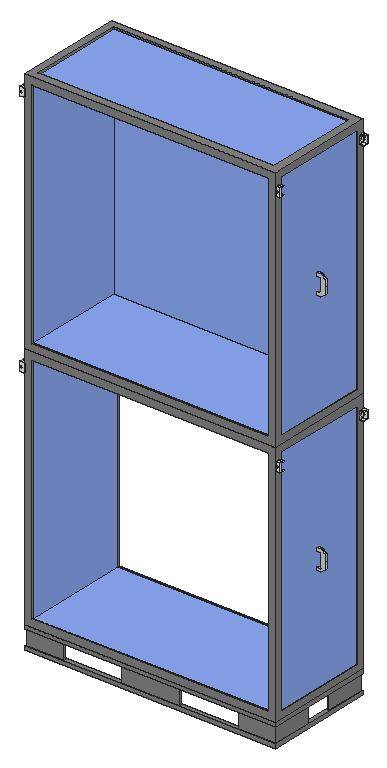
Revit family "16 Разделительная секция ANR S3", category Оборудование, Revit 2016
Family settings
  Тип детали = Нормальный
  Размер круглого соединителя = Использовать диаметр
  На основе рабочей плоскости = Нет
  Всегда вертикально = Да
  При загрузке вырезать с полостями = Нет
  Общий = Нет
  Точка расчета площади = Нет
Parameters (values of type "ANR 8 S3")
  центр = Середина / 2  # 648.25 mm
  Ширина = А1 - 56 mm  # 1244 mm
  Синий = Синий
  Середина = Б / 2  # 1296.5 mm
  Д1 = Д - 20 mm  # 555 mm
  Д = 575 mm
  ножки(да/нет) [instance] = no
  Высота = Б1 - 56 mm  # 1220.5 mm
  Б1 = Середина - 20 mm  # 1276.5 mm
  А1 = А - 20 mm  # 1300 mm
  А = 1320 mm
  высота ножек = 120 mm
  Б = 2593 mm
  Частотный преобразователь [instance] = no
  Частота вращения n, об/мин = ""
  Тип, марка, обозначение = "ANR 8 S3"
  Сила тока J, А = ""
  Регулятор расхода [instance] = no
  Раздел = "ОВ"
  Примечание = ""
  Позиция = ""
  Напряжение U,В = ""
  Наименование и тех.хар-ка = "Секция смешения двухэтажная"  # constant formula
  Мощность двигателя N,Вт = ""
  Материал = Сталь серая
  Масса единицы = ""
  Код, оборудования = ""
  Ключевая пометка = "Вентиляция"
  Задание электрикам [instance] = no
  Задание автоматчикам [instance] = no
  Завод изготовитель = "KORF"  # constant formula
  Единица измерения = "шт."  # constant formula
  h = высота ножек + 10 mm  # 130 mm
Types (6, lengths in mm): name | центр | Ширина | Середина | Д1 | Д | Высота | Б1 | А1 | А | Б | Тип, марка, обозначение
  ANR 6 S3 | 538.25 | 1024 | 1076.5 | 555 | 575 | 1000.5 | 1056.5 | 1080 | 1100 | 2153 | "ANR 6 S3"
  ANR 7 S3 | 648.25 | 1024 | 1296.5 | 555 | 575 | 1220.5 | 1276.5 | 1080 | 1100 | 2593 | "ANR 7 S3"
  ANR 8 S3 | 648.25 | 1244 | 1296.5 | 555 | 575 | 1220.5 | 1276.5 | 1300 | 1320 | 2593 | "ANR 8 S3"
  ANR 12 S3 | 705.75 | 1359 | 1411.5 | 1080 | 1100 | 1335.5 | 1391.5 | 1415 | 1435 | 2823 | "ANR 12 S3"
  ANR 20 S3 | 818.25 | 1584 | 1636.5 | 1080 | 1100 | 1560.5 | 1616.5 | 1640 | 1660 | 3273 | "ANR 20 S3"
  ANR 25 S3 | 1010.75 | 1969 | 2021.5 | 1080 | 1100 | 1945.5 | 2001.5 | 2025 | 2045 | 4043 | "ANR 25 S3"
Reference planes
  plane 1 "По центру (Вперед/Назад)": y = 0
  plane 2: z = 0
  plane 3 "По центру (Влево/Вправо)": x = 0
  plane 4: x = -650
  plane 5: x = 650
  plane 6: y = 277.5
  plane 7: y = -277.5
  plane 8: z = 1406.5
  plane 9: z = 130
  plane 10: y = -70.418
  plane 11: z = 1416.5
  plane 12: x = 700
  plane 13: y = 70.418
  plane 14: z = 120
  plane 15: z = 1306.5
  plane 16: z = 2713
  plane 17: z = 768.25
  plane 18: z = 715.22
  plane 19: z = 2703
  plane 20: z = 1426.5
  plane 21: z = 2603
  plane 22: z = 2064.75
  plane 23: z = 2011.75
Forms (mm)
  Extrusion 1, solid, material "Синий" <- "Синий", detail levels fine
    sketch origin (0, 0, 50) x (1, 0, 0) y (0, 1, 0)
      loop
        line (-650, 277.5) -> (-650, -277.5) -> (650, -277.5) -> (650, 277.5) -> (-650, 277.5)
    from 80 to 1356.5
  Sweep 2, solid, material "Сталь серая" <- "Материал", detail levels fine
    path origin (650, -277.5, 50) x (-1, 0, 0) y (0, 0, -1)
      loop
        line (0, -1356.5) -> (1300, -1356.5) -> (1300, -80) -> (0, -80) -> (0, -1356.5)
    profile "Профиль уголок 10х10 : Профиль уголок 10х10" origin (0, -277.5, 1406.5) x (0, 0, -1) y (0, -1, 0)
      loop
        line (0, -27.5) -> (0, 0) -> (27.5, 0) -> (27.5, 10) -> (-10, 10) -> (-10, -27.5) -> (0, -27.5)
  Sweep 3, solid, material "Сталь серая" <- "Материал", detail levels fine
    path origin (-650, 277.5, 50) x (1, 0, 0) y (0, 0, -1)
      loop
        line (0, -1356.5) -> (1300, -1356.5) -> (1300, -80) -> (0, -80) -> (0, -1356.5)
    profile "Профиль уголок 10х10 : Профиль уголок 10х10" origin (0, 277.5, 1406.5) x (0, 0, -1) y (0, 1, 0)
      loop
        line (0, -27.5) -> (0, 0) -> (27.5, 0) -> (27.5, 10) -> (-10, 10) -> (-10, -27.5) -> (0, -27.5)
  Sweep 4, solid, material "Сталь серая" <- "Материал", detail levels fine
    path origin (650, 277.5, 50) x (0, -1, 0) y (0, 0, -1)
      loop
        line (0, -1356.5) -> (555, -1356.5) -> (555, -80) -> (0, -80) -> (0, -1356.5)
    profile "Профиль уголок 10х10 : Профиль уголок 10х10" origin (650, 0, 1406.5) x (0, 0, -1) y (1, 0, 0)
      loop
        line (0, -27.5) -> (0, 0) -> (27.5, 0) -> (27.5, 10) -> (-10, 10) -> (-10, -27.5) -> (0, -27.5)
  Sweep 5, solid, material "Сталь серая" <- "Материал", detail levels fine
    path origin (-650, -277.5, 50) x (0, 1, 0) y (0, 0, -1)
      loop
        line (0, -1356.5) -> (555, -1356.5) -> (555, -80) -> (0, -80) -> (0, -1356.5)
    profile "Профиль уголок 10х10 : Профиль уголок 10х10" origin (-650, 0, 1406.5) x (0, 0, -1) y (-1, 0, 0)
      loop
        line (0, -27.5) -> (0, 0) -> (27.5, 0) -> (27.5, 10) -> (-10, 10) -> (-10, -27.5) -> (0, -27.5)
  Extrusion 6, void, not visible
    sketch origin (-345, -245, 50) x (0, -1, 0) y (0, 0, -1)
      loop
        line (-477.965, -475) -> (-477.965, -450) -> (-528.913, -450) -> (-528.913, -475) -> (-477.965, -475)
    from -47.452 to 12
  Sweep 7, solid, material "Сталь серая" <- "Материал", detail levels fine
    path origin (0, 0, 0) x (1, 0, 0) y (0, 1, 0)
      loop
        line (-650, 277.5) -> (-650, -277.5) -> (650, -277.5) -> (650, 277.5) -> (-650, 277.5)
    profile "Семейство1 : Семейство1" origin (0, 277.5, 0) x (0, 1, 0) y (0, 0, 1)
      loop
        line (-10, 120) -> (-10, 100) -> (-3.38, 100) -> (-3.38, 20) -> (-10, 20) -> (-10, 0) -> (10, 0) -> (10, 20) -> (3.38, 20) -> (3.38, 100) -> (10, 100) -> (10, 120) -> (-10, 120)
  Extrusion 8, void
    sketch origin (0, 0, 0) x (1, 0, 0) y (0, 0, 1)
      loop
        line (152.369, 100) -> (152.369, 20) -> (458.798, 20) -> (458.798, 100) -> (152.369, 100)
      loop
        line (-152.369, 100) -> (-458.798, 100) -> (-458.798, 20) -> (-152.369, 20) -> (-152.369, 100)
    from -287.5 to 287.5
  Extrusion 9, void
    sketch origin (0, 0, 0) x (0, 1, 0) y (0, 0, 1)
      loop
        line (-70.418, 100) -> (-70.418, 20) -> (70.418, 20) -> (70.418, 100) -> (-70.418, 100)
    from -660 to 1700
  Extrusion 10, solid, material "Синий" <- "Синий", detail levels fine
    sketch origin (0, 0, 1130) x (1, 0, 0) y (0, 1, 0)
      loop
        line (-650, 277.5) -> (-650, -277.5) -> (650, -277.5) -> (650, 277.5) -> (-650, 277.5)
    from 296.5 to 1573
  Sweep 11, solid, material "Сталь серая" <- "Материал", detail levels fine
    path origin (650, -277.5, 1130) x (-1, 0, 0) y (0, 0, -1)
      loop
        line (0, -1573) -> (1300, -1573) -> (1300, -296.5) -> (0, -296.5) -> (0, -1573)
    profile "Профиль уголок 10х10 : Профиль уголок 10х10" origin (0, -277.5, 2703) x (0, 0, -1) y (0, -1, 0)
      loop
        line (0, -27.5) -> (0, 0) -> (27.5, 0) -> (27.5, 10) -> (-10, 10) -> (-10, -27.5) -> (0, -27.5)
  Sweep 12, solid, material "Сталь серая" <- "Материал", detail levels fine
    path origin (-650, 277.5, 1130) x (1, 0, 0) y (0, 0, -1)
      loop
        line (0, -1573) -> (1300, -1573) -> (1300, -296.5) -> (0, -296.5) -> (0, -1573)
    profile "Профиль уголок 10х10 : Профиль уголок 10х10" origin (0, 277.5, 2703) x (0, 0, -1) y (0, 1, 0)
      loop
        line (0, -27.5) -> (0, 0) -> (27.5, 0) -> (27.5, 10) -> (-10, 10) -> (-10, -27.5) -> (0, -27.5)
  Sweep 13, solid, material "Сталь серая" <- "Материал", detail levels fine
    path origin (650, 277.5, 1130) x (0, -1, 0) y (0, 0, -1)
      loop
        line (0, -1573) -> (555, -1573) -> (555, -296.5) -> (0, -296.5) -> (0, -1573)
    profile "Профиль уголок 10х10 : Профиль уголок 10х10" origin (650, 0, 2703) x (0, 0, -1) y (1, 0, 0)
      loop
        line (0, -27.5) -> (0, 0) -> (27.5, 0) -> (27.5, 10) -> (-10, 10) -> (-10, -27.5) -> (0, -27.5)
  Sweep 14, solid, material "Сталь серая" <- "Материал", detail levels fine
    path origin (-650, -277.5, 1130) x (0, 1, 0) y (0, 0, -1)
      loop
        line (0, -1573) -> (555, -1573) -> (555, -296.5) -> (0, -296.5) -> (0, -1573)
    profile "Профиль уголок 10х10 : Профиль уголок 10х10" origin (-650, 0, 2703) x (0, 0, -1) y (-1, 0, 0)
      loop
        line (0, -27.5) -> (0, 0) -> (27.5, 0) -> (27.5, 10) -> (-10, 10) -> (-10, -27.5) -> (0, -27.5)
  Extrusion 15, void
    sketch origin (0, 0, 0) x (1, 0, 0) y (0, 0, 1)
      loop
        line (-622.5, 1379) -> (-622.5, 157.5) -> (622.5, 157.5) -> (622.5, 1379) -> (-622.5, 1379)
    from -277.5 to 277.5
  Extrusion 16, void
    sketch origin (0, 0, 0) x (1, 0, 0) y (0, 0, 1)
      loop
        line (622.5, 2675.5) -> (-622.5, 2675.5) -> (-622.5, 1454) -> (622.5, 1454) -> (622.5, 2675.5)
    from -250 to 277.5
Cuts and joins
  joined: Sweep 2, Sweep 3, Sweep 4, Sweep 5
  Extrusion 8, Extrusion 9 cuts Sweep 7
  joined: Sweep 11, Sweep 12, Sweep 13, Sweep 14
  Extrusion 15 cuts Extrusion 1
  Extrusion 16 cuts Extrusion 10
Lines and regions (mm)
  model lines, detail levels coarse
    curve 1: line (-684.5, 287.5, 0) -> (684.5, 287.5, 0)
    curve 2: line (-684.5, -287.5, 0) -> (-684.5, 287.5, 0)
    curve 3: line (684.5, -287.5, 0) -> (-684.5, -287.5, 0)
    curve 4: line (684.5, 287.5, 0) -> (684.5, -287.5, 0)
  model lines, detail levels medium
    curve 5: line (0, 287.5, 2713) -> (0, -287.5, 2713)
    curve 6: line (0, 287.5, 0) -> (0, 287.5, 2713)
    curve 7: line (0, -287.5, 0) -> (0, 287.5, 0)
    curve 8: line (0, -287.5, 2713) -> (0, -287.5, 0)
    curve 9: line (0, 287.5, 1416.5) -> (0, -287.5, 1416.5)
Dimensions and locks
  equal spacing: plane 6, plane 1 "По центру (Вперед/Назад)", plane 7
  "Д1": plane 6 to plane 7
  equal spacing: plane 4, plane 3 "По центру (Влево/Вправо)", plane 5
  "А1": plane 4 to plane 5
  "h": plane 9 to level
  cut or joined group of Sweep 2, Sweep 3, Sweep 4, Sweep 5 to level = 120 mm
  locked: plane 3 "По центру (Влево/Вправо)" to cut or joined group of Sweep 7, Extrusion 8, Extrusion 9 at 152.369
  locked: cut or joined group of Sweep 7, Extrusion 8, Extrusion 9 to plane 3 "По центру (Влево/Вправо)" at 152.369
  locked: plane 12 to plane 5 at 50
  plane 1 "По центру (Вперед/Назад)" to plane 7 = 277.5 mm
  plane 6 to plane 1 "По центру (Вперед/Назад)" = 277.5 mm
  equal spacing: plane 10, plane 1 "По центру (Вперед/Назад)", plane 13, locked at 70.418 each
  locked: plane 9 to plane 14 at 10
  "Б1": plane 8 to plane 9
  locked: plane 8 to plane 15 at 100
  "Б": plane 16 to plane 14
  "Середина": plane 11 to plane 14
  "центр": plane 17 to plane 14
  locked: plane 17 to plane 18 at 53.03
  "Б1": plane 19 to plane 20
  locked: plane 19 to plane 21 at 100
  locked: plane 20 to plane 8 at 20
  "центр": plane 22 to plane 11
  locked: plane 22 to plane 23 at 53
  cut or joined group of Sweep 11, Sweep 12, Sweep 13, Sweep 14 to Extrusion 10 = 27.5 mm
  aligned and locked: level to plane 2
  aligned and locked: plane 6 to Extrusion 1
  aligned and locked: plane 5 to Extrusion 1
  aligned and locked: Extrusion 1 to plane 7
  aligned and locked: Extrusion 1 to plane 4
  aligned and locked: plane 8 to Extrusion 1
  aligned and locked: Extrusion 1 to plane 9
  aligned and locked: Sweep 4 sketch curve to Extrusion 1  (x2)
  aligned and locked: Sweep 5 sketch curve to Extrusion 1  (x2)
  aligned and locked: Sweep 7 sketch curve to Extrusion 1  (x4)
  aligned and locked: Sweep 7 to Extrusion 8  (x2)
  aligned and locked: cut or joined group of Sweep 2, Sweep 3, Sweep 4, Sweep 5 to Extrusion 9
  aligned and locked: nested 3 to cut or joined group of Sweep 2, Sweep 3, Sweep 4, Sweep 5  (x2)
  aligned and locked: cut or joined group of Sweep 2, Sweep 3, Sweep 4, Sweep 5 to nested 4  (x2)
  aligned and locked: cut or joined group of Sweep 2, Sweep 3, Sweep 4, Sweep 5 to nested 3
  aligned and locked: cut or joined group of Sweep 2, Sweep 3, Sweep 4, Sweep 5 to nested 6
  aligned and locked: nested 5 to cut or joined group of Sweep 2, Sweep 3, Sweep 4, Sweep 5
  aligned and locked: nested 2 to plane 12
  aligned and locked: nested 6 to cut or joined group of Sweep 2, Sweep 3, Sweep 4, Sweep 5
  aligned and locked: cut or joined group of Sweep 2, Sweep 3, Sweep 4, Sweep 5 to nested 5
  aligned and locked: plane 1 "По центру (Вперед/Назад)" to nested 2
  aligned and locked: plane 10 to Extrusion 9 sketch curve
  aligned and locked: plane 13 to Extrusion 9 sketch curve
  aligned and locked: plane 15 to nested 5
  aligned and locked: nested 6 to plane 15
  aligned and locked: nested 3 to plane 15
  aligned and locked: plane 15 to nested 4
  aligned and locked: nested 2 to plane 18
  aligned and locked: plane 19 to Extrusion 10
  aligned and locked: Extrusion 10 to plane 20
  aligned and locked: Sweep 13 sketch curve to Extrusion 10  (x2)
  aligned and locked: Sweep 14 sketch curve to Extrusion 10  (x2)
  aligned and locked: plane 21 to nested 10
  aligned and locked: nested 11 to plane 21
  aligned and locked: nested 8 to plane 21
  aligned and locked: plane 21 to nested 9
  aligned and locked: nested 7 to plane 12
  aligned and locked: nested 7 to plane 23
  aligned and locked: nested 11 to cut or joined group of Sweep 11, Sweep 12, Sweep 13, Sweep 14  (x2)
  aligned and locked: cut or joined group of Sweep 11, Sweep 12, Sweep 13, Sweep 14 to nested 10  (x2)
  aligned and locked: nested 8 to cut or joined group of Sweep 11, Sweep 12, Sweep 13, Sweep 14  (x2)
  aligned and locked: cut or joined group of Sweep 11, Sweep 12, Sweep 13, Sweep 14 to nested 9  (x2)
  aligned and locked: Extrusion 15 to cut or joined group of Sweep 2, Sweep 3, Sweep 4, Sweep 5  (x2)
  aligned and locked: cut or joined group of Sweep 2, Sweep 3, Sweep 4, Sweep 5 to Extrusion 15
  aligned and locked: Extrusion 1 to Extrusion 15  (x2)
  aligned and locked: Extrusion 16 to cut or joined group of Sweep 2, Sweep 3, Sweep 4, Sweep 5  (x2)
  aligned and locked: cut or joined group of Sweep 11, Sweep 12, Sweep 13, Sweep 14 to Extrusion 16
  aligned and locked: cut or joined group of Sweep 2, Sweep 3, Sweep 4, Sweep 5 to Extrusion 16
  aligned and locked: Extrusion 16 to cut or joined group of Sweep 11, Sweep 12, Sweep 13, Sweep 14
  aligned and locked: Extrusion 16 to plane 7
  aligned and locked: curve 1 to nested 11
  aligned and locked: curve 2 to nested 11
  aligned and locked: curve 3 to nested 3
  aligned and locked: curve 4 to nested 3
  aligned and locked: curve 5 to cut or joined group of Sweep 11, Sweep 12, Sweep 13, Sweep 14
  aligned and locked: curve 6 to cut or joined group of Sweep 11, Sweep 12, Sweep 13, Sweep 14
  aligned and locked: curve 7 to curve 2
  aligned and locked: curve 8 to cut or joined group of Sweep 7, Extrusion 8, Extrusion 9
  aligned and locked: curve 9 to cut or joined group of Sweep 2, Sweep 3, Sweep 4, Sweep 5
Automatic sketch dimensions
  Extrusion 6 sketch curve to Extrusion 6 sketch curve = 50.949 mm
  Extrusion 6 sketch curve to Extrusion 6 sketch curve = 25 mm
  Extrusion 1 sketch curve to plane 4 = 0 mm
  Extrusion 1 sketch curve to plane 5 = 0 mm
  Extrusion 1 sketch curve to plane 7 = 0 mm
  Extrusion 1 sketch curve to plane 6 = 0 mm
  Sweep 2 sketch curve to Extrusion 1 = 0 mm  (x4)
  Sweep 3 sketch curve to Extrusion 1 = 0 mm  (x3)
  Extrusion 1 to Sweep 3 sketch curve = 0 mm
  Sweep 4 sketch curve to Extrusion 1 = 0 mm  (x2)
  Sweep 5 sketch curve to Extrusion 1 = 0 mm  (x2)
  plane 14 to Extrusion 8 sketch curve = 20 mm  (x2)
  plane 4 to Extrusion 8 sketch curve = 191.202 mm
  level to Extrusion 8 sketch curve = 20 mm  (x2)
  Extrusion 8 sketch curve to plane 3 "По центру (Влево/Вправо)" = 152.369 mm
  plane 3 "По центру (Влево/Вправо)" to Extrusion 8 sketch curve = 152.369 mm
  Extrusion 8 sketch curve to plane 5 = 191.202 mm
  level to Extrusion 9 sketch curve = 20 mm
  plane 14 to Extrusion 9 sketch curve = 20 mm
  Extrusion 10 sketch curve to plane 4 = 0 mm
  Extrusion 10 sketch curve to plane 5 = 0 mm
  Extrusion 10 sketch curve to plane 7 = 0 mm
  Extrusion 10 sketch curve to plane 6 = 0 mm
  Sweep 11 sketch curve to Extrusion 10 = 0 mm  (x4)
  Sweep 12 sketch curve to Extrusion 10 = 0 mm  (x3)
  Extrusion 10 to Sweep 12 sketch curve = 0 mm
  Sweep 13 sketch curve to Extrusion 10 = 0 mm  (x2)
  Sweep 14 sketch curve to Extrusion 10 = 0 mm  (x2)
  plane 4 to Extrusion 15 sketch curve = 27.5 mm
  Extrusion 15 sketch curve to plane 5 = 27.5 mm
  plane 9 to Extrusion 15 sketch curve = 27.5 mm
  plane 15 to Extrusion 15 sketch curve = 72.5 mm
  plane 4 to Extrusion 16 sketch curve = 27.5 mm
  Extrusion 16 sketch curve to plane 5 = 27.5 mm
  plane 20 to Extrusion 16 sketch curve = 27.5 mm
  plane 21 to Extrusion 16 sketch curve = 72.5 mm
Nested families
  nested 1: "крепление 15мм" at (-330, 229.965, 495), type "крепление 15мм", not visible
  nested 2: "Ручка" at (662.018, -10, 772.928), type "Ручка", detail levels fine
  nested 3: "крепеж" at (684.5, -287.5, 1306.5) x (-1, 0, 0) z (0, 0, 1), type "крепеж", detail levels fine
  nested 4: "крепеж" at (684.5, 287.5, 1306.5) x (-1, 0, 0) z (0, 0, 1), type "крепеж", detail levels fine
  nested 5: "крепеж" at (-684.5, -287.5, 1306.5), type "крепеж", detail levels fine
  nested 6: "крепеж" at (-684.5, 287.5, 1306.5), type "крепеж", detail levels fine
  nested 7: "Ручка" at (662.018, -10, 2069.458), type "Ручка", detail levels fine
  nested 8: "крепеж" at (684.5, -287.5, 2603) x (-1, 0, 0) z (0, 0, 1), type "крепеж", detail levels fine
  nested 9: "крепеж" at (684.5, 287.5, 2603) x (-1, 0, 0) z (0, 0, 1), type "крепеж", detail levels fine
  nested 10: "крепеж" at (-684.5, -287.5, 2603), type "крепеж", detail levels fine
  nested 11: "крепеж" at (-684.5, 287.5, 2603), type "крепеж", detail levels fine
Connectors
  hvac at (0, -287.5, 768.25), driven by "Ширина", driven by "Высота"
    settings: on cut or joined group of Sweep 2, Sweep 3, Sweep 4, Sweep 5, index 1, duct flow 0.0 L/s, flow factor 0, pres drop 0.0 Pa, loss coef 0, conn angle 0.00°, conn width 1244 mm, conn height 1220.5 mm, conn diameter 609.6 mm, duct sys type 28, conn prof type 1, flow config 0, flow direction 0, loss method 0, conn ref index 4, conn util no, is conn primary yes, conn desc ""
  hvac at (0, 287.5, 2064.75), driven by "Ширина", driven by "Высота"
    settings: on cut or joined group of Sweep 11, Sweep 12, Sweep 13, Sweep 14, index 3, duct flow 0.0 L/s, flow factor 0, pres drop 0.0 Pa, loss coef 0, conn angle 0.00°, conn width 1244 mm, conn height 1220.5 mm, conn diameter 609.6 mm, duct sys type 28, conn prof type 1, flow config 0, flow direction 0, loss method 0, conn ref index -1, conn util no, is conn primary no, conn desc ""
  hvac at (0, 287.5, 768.25), driven by "Ширина", driven by "Высота"
    settings: on cut or joined group of Sweep 2, Sweep 3, Sweep 4, Sweep 5, index 4, duct flow 0.0 L/s, flow factor 0, pres drop 0.0 Pa, loss coef 0, conn angle 0.00°, conn width 1244 mm, conn height 1220.5 mm, conn diameter 609.6 mm, duct sys type 28, conn prof type 1, flow config 0, flow direction 0, loss method 0, conn ref index 1, conn util no, is conn primary no, conn desc ""
Definition of nested family "крепление 15мм"
  Parameters (values of type "крепление 15мм")
    Материал крепления = none
  Reference planes
    plane 1 "По центру (Вперед/Назад)": y = 0
    plane 2: z = 0
    plane 3 "По центру (Влево/Вправо)": x = 0
  Forms (mm)
    Extrusion 1, solid, material <- "Материал крепления"
      sketch origin (0, 0, 0) x (1, 0, 0) y (0, 1, 0)
        loop
          line (-25, 0) -> (0, 0) -> (0, 18.31) -> (0, 25) -> (-3, 25) -> (-3, 3) -> (-25, 3) -> (-25, 0)
      from 0 to 30
    Extrusion 2, void
      sketch origin (0, 0, 0) x (1, 0, 0) y (0, 1, 0)
        loop
          line (-3, 3) -> (-3, 54.96) -> (-58, 54.96) -> (-58, 3) -> (-3, 3)
      from 0 to 15
  Cuts and joins
    Extrusion 2 cuts Extrusion 1
  Dimensions and locks
    Extrusion 1 sketch curve to Extrusion 1 sketch curve = 3 mm  (x2)
    Extrusion 1 sketch curve to Extrusion 1 sketch curve to plane 3 "По центру (Влево/Вправо)" = 25 mm, 0 mm
    Extrusion 1 sketch curve to Extrusion 1 sketch curve = 25 mm
    aligned and locked: level to plane 2
Definition of nested family "Ручка"
  Parameters (values of type "Ручка")
    материал ручки = none
  Reference planes
    plane 1 "По центру (Вперед/Назад)": y = 0
    plane 2: z = 0
    plane 3 "По центру (Влево/Вправо)": x = 0
    plane 4: x = -37.982
    plane 5: x = 37.982
  Forms (mm)
    Extrusion 1, solid, material <- "материал ручки", not visible
      sketch origin (-3.982, 0, -4.834) x (0, 0, 1) y (-1, 0, 0)
        loop
          line (-52.874, -42.815) -> (53.726, -42.815) -> (53.726, 8.783) -> (36.069, 34) -> (1.069, 34) -> (-36.069, 34) -> (-52.874, 10) -> (-52.874, -42.815)
      from 0 to 10
    Extrusion 2, void, not visible
      sketch origin (-3.982, 0, -4.834) x (0, 0, 1) y (-1, 0, 0)
        loop
          line (-37.219, -42.815) -> (37.781, -42.815) -> (37.781, 20.04) -> (-37.219, 20.04) -> (-37.219, -42.815)
      from 0 to 50
    Extrusion 3, solid, material <- "материал ручки"
      sketch origin (3.982, 0, -4.834) x (0, 0, 1) y (-1, 0, 0)
        loop
          line (-52.874, 42.815) -> (-52.874, -10) -> (-36.069, -34) -> (1.069, -34) -> (36.069, -34) -> (53.726, -8.783) -> (53.726, 42.815) -> (-52.874, 42.815)
      from 0 to 10
    Extrusion 4, void
      sketch origin (3.982, 0, -4.834) x (0, 0, 1) y (-1, 0, 0)
        loop
          line (-37.219, 42.815) -> (-37.219, -11.018) -> (37.781, -11.018) -> (37.781, 42.815) -> (-37.219, 42.815)
      from 0 to 50
  Cuts and joins
    Extrusion 4 cuts Extrusion 3
  Dimensions and locks
    aligned and locked: level to plane 2
Definition of nested family "крепеж"
  Parameters (values of type "крепеж")
    Материал крепежа = none
  Reference planes
    plane 1 "По центру (Вперед/Назад)": y = 0
    plane 2: z = 0
    plane 3 "По центру (Влево/Вправо)": x = 0
    plane 4: x = 24.5
    plane 5: z = 22.413
  Forms (mm)
    Extrusion 1, solid, material <- "Материал крепежа"
      sketch origin (0, 0, 0) x (0, 1, 0) y (0, 0, 1)
        loop
          line (0, 44.825) -> (-16.343, 44.825) -> (-24.468, 44.825) -> (-24.468, 42.95) -> (-1.968, 42.95) -> (-1.968, 1.657) -> (-24.468, 1.657) -> (-24.468, 0) -> (-16.343, 0) -> (0, 0) -> (0, 44.825)
      from 0 to 24.5
    Extrusion 2, void
      sketch origin (0.625, 0, -0.625) x (1, 0, 0) y (0, 0, 1)
        loop
          circle (11.121, 22.873) r 5
      from 0 to 250
    Extrusion 3, solid, material <- "Материал крепежа"
      sketch origin (0, 0, 0.175) x (1, 0, 0) y (0, 0, 1)
        loop
          line (24.5, 44.651) -> (22.651, 44.651) -> (22.651, -0.175) -> (24.5, -0.175) -> (24.5, 44.651)
      from 0 to 24.468
    Extrusion 4, void
      sketch origin (0, 0, 0) x (0, 1, 0) y (0, 0, 1)
        loop
          line (-24.468, 28.943) -> (-24.468, 15.882) -> (-9.468, 15.882) -> (-9.468, 28.943) -> (-24.468, 28.943)
      from 0 to 250
    Blend 5, solid
      base sketch origin (0, 0, 0) x (0, 1, 0) y (0, 0, 1)
        loop
          circle (-15.104, 36.823) r 4.161
      top sketch origin (0, 0, 0) x (0, 1, 0) y (0, 0, 1)
        loop
          circle (-15.104, 36.823) r 2.994
      from 22.651 to 19.241
    Blend 6, solid
      base sketch origin (0, 0, 44.825) x (0, 1, 0) y (0, 0, 1)
        loop
          circle (-15.104, -36.823) r 4.161
      top sketch origin (0, 0, 44.825) x (0, 1, 0) y (0, 0, 1)
        loop
          circle (-15.104, -36.823) r 2.994
      from 22.651 to 19.241
  Cuts and joins
    Extrusion 2, Extrusion 4 cuts Extrusion 1
    Extrusion 4 cuts Extrusion 3
    joined: Extrusion 1, Extrusion 3
  Dimensions and locks
    plane 3 "По центру (Влево/Вправо)" to plane 4 = 24.5 mm
    equal spacing: cut or joined group of Extrusion 1, Extrusion 2, Extrusion 3, Extrusion 4, plane 5, cut or joined group of Extrusion 1, Extrusion 2, Extrusion 3, Extrusion 4
    equal spacing: Extrusion 4 sketch curve, plane 5, Extrusion 4 sketch curve
    aligned and locked: level to plane 2
    aligned and locked: plane 4 to Extrusion 1
    aligned and locked: cut or joined group of Extrusion 1, Extrusion 2, Extrusion 3, Extrusion 4 to cut or joined group of Extrusion 1, Extrusion 2, Extrusion 3, Extrusion 4  (x3)
    aligned and locked: cut or joined group of Extrusion 1, Extrusion 2, Extrusion 3, Extrusion 4 to Blend 5
  Automatic sketch dimensions
    Extrusion 1 sketch curve to level = 0 mm
    Extrusion 1 sketch curve to plane 1 "По центру (Вперед/Назад)" = 0 mm
    plane 1 "По центру (Вперед/Назад)" to Extrusion 1 sketch curve = 1.968 mm
    Extrusion 1 sketch curve to Extrusion 1 sketch curve = 14.375 mm  (x2)
    level to Extrusion 1 sketch curve = 1.657 mm
    Extrusion 1 sketch curve to Extrusion 1 sketch curve = 8.125 mm  (x2)
    plane 5 to Extrusion 1 sketch curve = 20.538 mm
    Extrusion 1 sketch curve to Extrusion 1 sketch curve = 1.875 mm
    Extrusion 2 sketch curve to plane 5 = 0.165 mm
    plane 3 "По центру (Влево/Вправо)" to Extrusion 2 sketch curve = 11.746 mm
    Extrusion 3 sketch curve to level = 0 mm
    Extrusion 3 sketch curve to plane 4 = 0 mm
    Extrusion 3 sketch curve to Extrusion 3 sketch curve = 1.849 mm
    plane 5 to Extrusion 3 sketch curve = 22.413 mm
    Extrusion 4 sketch curve to plane 5 = 6.531 mm
    plane 1 "По центру (Вперед/Назад)" to Extrusion 4 sketch curve = 24.468 mm
    plane 1 "По центру (Вперед/Назад)" to Extrusion 4 sketch curve = 9.468 mm
    plane 1 "По центру (Вперед/Назад)" to Blend 5 sketch curve = 15.104 mm  (x2)
    plane 5 to Blend 5 sketch curve = 14.41 mm  (x2)
    Blend 6 sketch curve to plane 1 "По центру (Вперед/Назад)" = 15.104 mm  (x2)
    Blend 6 sketch curve to level = 8.002 mm  (x2)
    radius of Extrusion 2 sketch curve = 5 mm
    radius of Blend 5 sketch curve = 4.161 mm
    radius of Blend 5 sketch curve = 2.994 mm
    radius of Blend 6 sketch curve = 4.161 mm
    radius of Blend 6 sketch curve = 2.994 mm
